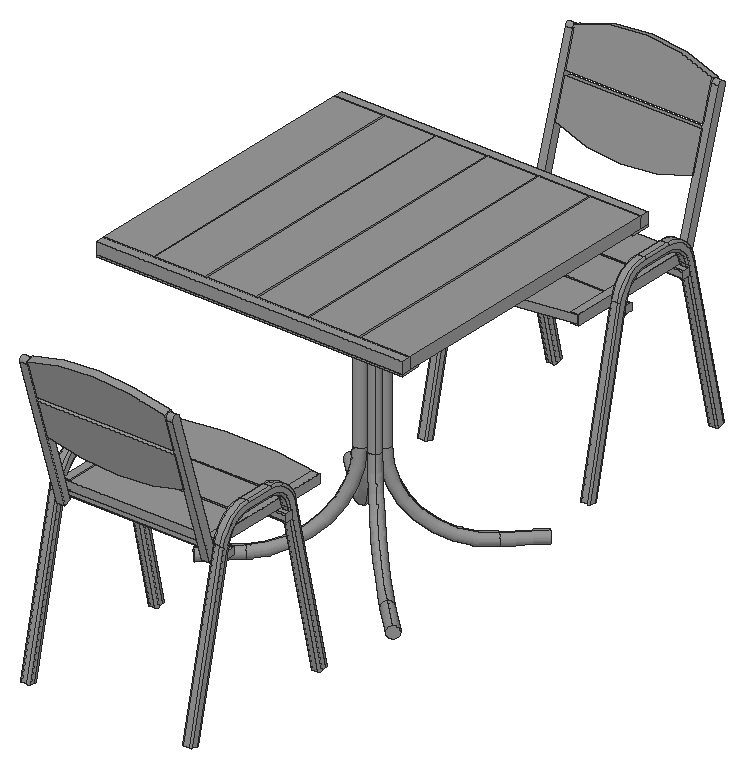
Revit family "10247 Комплект мебели «Петергоф» Хоббика", category Антураж, Revit 2018
Family settings
  На основе рабочей плоскости = Нет
  Всегда вертикально = Да
  При загрузке вырезать с полостями = Нет
  Источник визуального образа = Геометрия семейства
  Общий = Нет
  Точка расчета площади = Нет
Parameters (values of type "Комплект мебели «Петергоф» на 2 стула")
  Ширина стула = 500 mm  # constant formula
  Ширина стола = 800 mm  # constant formula
  Цвет отделки = Дерево
  Цвет опор = Сталь
  Описание = if(На 2 стула, "Комплект мебели «Петергоф». Стол и 2 стула", "Комплект мебели «Петергоф». Стол и 4 стула")  # "Комплект мебели «Петергоф». Стол и 2 стула"
  На 4 стула = not(На 2 стула)  # no
  На 2 стула = yes
  Материал изделия = "Сталь, дерево"  # constant formula
  Изображение типоразмера = Комплект мебели «Петергоф» Арт 10247.jpg
  Изготовитель = "ООО «Хоббика»"  # constant formula
  Длина стула = 450 mm  # constant formula
  Длина стола = 800 mm  # constant formula
  Группа модели = "Комплекты садовой мебели"  # constant formula
  Высота стула = 820 mm  # constant formula
  Высота стола = 760 mm  # constant formula
  Высота = 0 mm  # constant formula
  Артикул товара = "Арт. 10247"  # constant formula
  URL = "https://hobbyka.ru/product/komplekt_mebeli_petergof"
Types (3, lengths in mm): name | Описание | На 4 стула | На 2 стула
  (no name) | "Комплект мебели «Петергоф». Стол и 2 стула" | no | yes
  Комплект мебели «Петергоф» на 4 стула | "Комплект мебели «Петергоф». Стол и 4 стула" | yes | no
  Комплект мебели «Петергоф» на 2 стула | "Комплект мебели «Петергоф». Стол и 2 стула" | no | yes
Reference planes
  plane 1 "По центру (Вперед/Назад)": y = 0
  plane 2: z = 0
  plane 3 "По центру (Влево/Вправо)": x = 0
  plane 4: x = 1800
  plane 5: y = 1800
Dimensions and locks
  plane 5 to plane 1 "По центру (Вперед/Назад)" = 1800 mm
  plane 3 "По центру (Влево/Вправо)" to plane 4 = 1800 mm
  aligned and locked: level to plane 2
Nested families
  nested 1: "10266 Кресло «Петергоф» Хоббика" at (500, 675, 0) x (0, 1, 0) z (0, 0, 1), visible <- "На 4 стула", type "Кресло «Петергоф»"
  nested 2: "10265 Стол садовый «Петергоф 80» Хоббика" at (500, 500, 0), type "Стол садовый «Петергоф 80»"
  nested 3: "10266 Кресло «Петергоф» Хоббика" at (675, 1300, 0), type "Кресло «Петергоф»"
  nested 4: "10266 Кресло «Петергоф» Хоббика" at (1300, 1125, 0) x (0, -1, 0) z (0, 0, 1), visible <- "На 4 стула", type "Кресло «Петергоф»"
  nested 5: "10266 Кресло «Петергоф» Хоббика" at (1125, 500, 0) x (-1, 0, 0) z (0, 0, 1), type "Кресло «Петергоф»"
Definition of nested family "10266 Кресло «Петергоф» Хоббика"
  Parameters (values of type "Кресло «Петергоф»")
    Ширина = 500 mm  # constant formula
    Цвет опор = none
    Цвет лавки = none
    Description = "Кресло «Петергоф»"  # constant formula
    Материал изделия = "Сталь, дерево"  # constant formula
    Type Comments = ""
    Type Image = element 2566
    Manufacturer = "ООО «Хоббика»"  # constant formula
    Длина = 450 mm  # constant formula
    Model = "Кресла садовые"  # constant formula
    Height = 820 mm  # constant formula
    Артикул товара = "Арт. 10266"  # constant formula
    URL = "https://hobbyka.ru/product/kreslo_petergof/"
  Reference planes
    plane 1 "По центру (Вперед/Назад)": y = 0
    plane 2: z = 0
    plane 3 "По центру (Влево/Вправо)": x = 0
    plane 4: x = 450
    plane 5: y = 500
    plane 6: z = 820
  Forms (mm)
    Sweep 1, solid, material <- "Цвет опор"
      path origin (0, 0, 0) x (0, 1, 0) y (0, 0, 1)
        loop
          line (470.628, 0) -> (371.711, 428.459)
          arc (371.711, 428.459) -> (340.734, 478.164) -> (285.77, 498.392) r 90.259
          line (285.77, 498.392) -> (210.77, 498.392)
          arc (210.77, 498.392) -> (155.77, 478.373) -> (126.505, 427.685) r 85.565
          line (126.505, 427.685) -> (27.766, 0)
      profile origin (0, 248.27, 498.392) x (0, 0, -1) y (1, 0, 0)
        loop
          arc (0, 5) -> (1.464, 1.464) -> (5, 0) r 5
          line (5, 0) -> (20, 0)
          arc (20, 0) -> (23.536, 1.464) -> (25, 5) r 5
          line (25, 5) -> (25, 20)
          arc (25, 20) -> (23.536, 23.536) -> (20, 25) r 5
          line (20, 25) -> (5, 25)
          arc (5, 25) -> (1.464, 23.536) -> (0, 20) r 5
          line (0, 20) -> (0, 5)
        loop
          arc (0, 430) -> (1.464, 426.464) -> (5, 425) r 5
          line (5, 425) -> (20, 425)
          arc (20, 425) -> (23.536, 426.464) -> (25, 430) r 5
          line (25, 430) -> (25, 445)
          arc (25, 445) -> (23.536, 448.536) -> (20, 450) r 5
          line (20, 450) -> (5, 450)
          arc (5, 450) -> (1.464, 448.536) -> (0, 445) r 5
          line (0, 445) -> (0, 430)
    Extrusion 2, solid, material <- "Цвет опор"
      sketch origin (0, 0, -5) x (0, 1, 0) y (0, 0, 1)
        loop
          line (352.609, 400.541) -> (352.609, 416.541)
          arc (352.609, 416.541) -> (352.023, 417.955) -> (350.609, 418.541) r 2
          line (350.609, 418.541) -> (334.609, 418.541)
          arc (334.609, 418.541) -> (333.195, 417.955) -> (332.609, 416.541) r 2
          line (332.609, 416.541) -> (332.609, 400.541)
          arc (332.609, 400.541) -> (333.195, 399.126) -> (334.609, 398.541) r 2
          line (334.609, 398.541) -> (350.609, 398.541)
          arc (350.609, 398.541) -> (352.023, 399.126) -> (352.609, 400.541) r 2
        loop
          line (165.109, 400.541) -> (165.109, 416.541)
          arc (165.109, 416.541) -> (164.523, 417.955) -> (163.109, 418.541) r 2
          line (163.109, 418.541) -> (147.109, 418.541)
          arc (147.109, 418.541) -> (145.695, 417.955) -> (145.109, 416.541) r 2
          line (145.109, 416.541) -> (145.109, 400.541)
          arc (145.109, 400.541) -> (145.695, 399.126) -> (147.109, 398.541) r 2
          line (147.109, 398.541) -> (163.109, 398.541)
          arc (163.109, 398.541) -> (164.523, 399.126) -> (165.109, 400.541) r 2
      from 0 to 450
    Extrusion 3, solid, material <- "Цвет опор"
      sketch origin (0, 0, 0) x (1, 0, 0) y (0, 0, 1)
        loop
          line (25, 413.541) -> (45, 413.541) -> (45, 415.541) -> (27, 415.541) -> (27, 436.541) -> (45, 436.541) -> (45, 438.541) -> (25, 438.541) -> (25, 413.541)
        loop
          line (425, 413.541) -> (425, 438.541) -> (405, 438.541) -> (405, 436.541) -> (423, 436.541) -> (423, 415.541) -> (405, 415.541) -> (405, 413.541) -> (425, 413.541)
      from -22.776 to -363.885
    Extrusion 4, solid, material <- "Цвет лавки"
      sketch origin (0, 0, 0) x (1, 0, 0) y (0, 1, 0)
        loop
          line (27, 363.885) -> (27, 252.682) -> (423, 252.682) -> (423, 363.885) -> (27, 363.885)
        loop
          arc (27, 22.776) -> (225, 0) -> (423, 22.776) r 872.021
          line (423, 22.776) -> (423, 133.979) -> (27, 133.979) -> (27, 22.776)
        loop
          line (27, 247.682) -> (27, 138.979) -> (423, 138.979) -> (423, 247.682) -> (27, 247.682)
      from 415.541 to 436.541
    Extrusion 5, solid, material <- "Цвет опор"
      sketch origin (0, 0, 0) x (0, 1, 0) y (0, 0, 1)
        loop
          arc (500, 767.352) -> (493.455, 779.888) -> (480.918, 773.343) r 10
          line (480.918, 773.343) -> (361.098, 391.711) -> (380.18, 385.72) -> (500, 767.352)
      from 25 to 45
    Extrusion 6, solid, material <- "Цвет опор"
      sketch origin (0, 0, 0) x (0, 1, 0) y (0, 0, 1)
        loop
          arc (500, 767.352) -> (493.455, 779.888) -> (480.918, 773.343) r 10
          line (480.918, 773.343) -> (361.098, 391.711) -> (380.18, 385.72) -> (500, 767.352)
      from 405 to 425
    Extrusion 7, solid, material <- "Цвет лавки"
      sketch origin (0, 480.918, 773.343) x (0, -0.29955, -0.954081) y (1, 0, 0)
        loop
          arc (-10, 405) -> (-43.997, 225) -> (-10, 45) r 493.516
          line (-10, 45) -> (90, 45) -> (90, 405) -> (-10, 405)
        loop
          arc (200, 45) -> (233.997, 225) -> (200, 405) r 493.516
          line (200, 405) -> (100, 405) -> (100, 45) -> (200, 45)
      from 0 to -20
  Dimensions and locks
    "Длина": plane 3 "По центру (Влево/Вправо)" to plane 4
    "Ширина": plane 5 to plane 1 "По центру (Вперед/Назад)"
    "Height": plane 6 to plane 2
    aligned and locked: level to plane 2
  Automatic sketch dimensions
    Sweep 1 sketch curve to level = 0 mm  (x2)
    Sweep 1 sketch curve to plane 1 "По центру (Вперед/Назад)" = 126.505 mm
    Sweep 1 sketch curve to Sweep 1 sketch curve = 84.265 mm
    Sweep 1 sketch curve to Sweep 1 sketch curve = 72.996 mm
    Sweep 1 sketch curve to Sweep 1 sketch curve = 75 mm
    Sweep 1 sketch curve to Sweep 1 sketch curve = 87.946 mm
    level to Sweep 1 sketch curve = 408.155 mm
    Sweep 1 sketch curve to Sweep 1 sketch curve = 4.672 mm
    Sweep 1 sketch curve to Sweep 1 sketch curve = 14.858 mm
    Sweep 1 sketch curve to plane 1 "По центру (Вперед/Назад)" = 27.766 mm
    Sweep 1 sketch curve to plane 5 = 29.372 mm
    Sweep 1 sketch curve to profile plane = 0 mm  (x2)
    Sweep 1 sketch curve to plane 3 "По центру (Влево/Вправо)" = 0 mm
    Sweep 1 sketch curve to profile plane = 5 mm  (x3)
    plane 3 "По центру (Влево/Вправо)" to Sweep 1 sketch curve = 5 mm  (x2)
    Sweep 1 sketch curve to Sweep 1 sketch curve = 15 mm  (x6)
    Sweep 1 sketch curve to Sweep 1 sketch curve = 5 mm
    Sweep 1 sketch curve to Sweep 1 sketch curve = 400 mm
    Extrusion 2 sketch curve to plane 1 "По центру (Вперед/Назад)" = 145.109 mm
    Extrusion 2 sketch curve to Extrusion 2 sketch curve = 2 mm  (x7)
    Extrusion 2 sketch curve to Extrusion 2 sketch curve = 16 mm  (x6)
    Extrusion 2 sketch curve to plane 5 = 167.391 mm
    level to Extrusion 2 sketch curve = 393.541 mm
    plane 3 "По центру (Влево/Вправо)" to Extrusion 3 sketch curve = 25 mm
    Extrusion 3 sketch curve to Extrusion 3 sketch curve = 2 mm  (x6)
    Extrusion 3 sketch curve to Extrusion 3 sketch curve = 18 mm  (x3)
    Extrusion 3 sketch curve to plane 4 = 45 mm
    Extrusion 3 sketch curve to Extrusion 3 sketch curve = 0 mm  (x2)
    Extrusion 3 sketch curve to plane 6 = 406.459 mm
    Extrusion 3 sketch curve to Extrusion 3 sketch curve = 21 mm  (x2)
    plane 3 "По центру (Влево/Вправо)" to Extrusion 4 sketch curve = 27 mm  (x2)
    Extrusion 4 sketch curve to Extrusion 4 sketch curve = 0 mm  (x2)
    plane 3 "По центру (Влево/Вправо)" to Extrusion 4 sketch curve = 225 mm
    Extrusion 4 sketch curve to plane 4 = 27 mm  (x2)
    Extrusion 4 sketch curve to plane 1 "По центру (Вперед/Назад)" = 22.776 mm
    Extrusion 4 sketch curve to Extrusion 4 sketch curve = 111.203 mm  (x2)
    Extrusion 4 sketch curve to Extrusion 4 sketch curve = 5 mm  (x2)
    Extrusion 4 sketch curve to Extrusion 4 sketch curve = 108.703 mm
    plane 5 to Extrusion 4 sketch curve = 372.021 mm
    Extrusion 5 sketch curve to plane 5 = 0 mm
    Extrusion 5 sketch curve to plane 5 = 9.541 mm
    Extrusion 5 sketch curve to Extrusion 5 sketch curve = 9.541 mm
    Extrusion 5 sketch curve to plane 5 = 119.82 mm
    Extrusion 5 sketch curve to Extrusion 5 sketch curve = 19.082 mm
    level to Extrusion 5 sketch curve = 385.72 mm
    Extrusion 5 sketch curve to Extrusion 5 sketch curve = 5.991 mm
    Extrusion 6 sketch curve to plane 5 = 0 mm
    Extrusion 6 sketch curve to plane 5 = 9.541 mm
    Extrusion 6 sketch curve to Extrusion 6 sketch curve = 9.541 mm
    Extrusion 6 sketch curve to plane 5 = 119.82 mm
    Extrusion 6 sketch curve to Extrusion 6 sketch curve = 19.082 mm
    level to Extrusion 6 sketch curve = 385.72 mm
    Extrusion 6 sketch curve to Extrusion 6 sketch curve = 5.991 mm
    Extrusion 7 sketch curve to Extrusion 6 = 0 mm  (x2)
    Extrusion 7 sketch curve to Extrusion 6 = 200 mm
    Extrusion 6 to Extrusion 7 sketch curve = 200 mm
    Extrusion 7 sketch curve to Extrusion 6 = 10 mm  (x2)
    Extrusion 7 sketch curve to Extrusion 6 = 259.519 mm
    Extrusion 6 to Extrusion 7 sketch curve = 49.519 mm
    Extrusion 7 sketch curve to Extrusion 7 sketch curve = 180 mm
    Extrusion 6 to Extrusion 7 sketch curve = 90 mm
    Extrusion 7 sketch curve to Extrusion 7 sketch curve = 10 mm
    Extrusion 7 sketch curve to Extrusion 7 sketch curve = 0 mm
Definition of nested family "10265 Стол садовый «Петергоф 80» Хоббика"
  Parameters (values of type "Стол садовый «Петергоф 80»")
    Ширина = 800 mm  # constant formula
    Цвет отделки = none
    Цвет основания = none
    Description = "Стол садовый «Петергоф 80»"  # constant formula
    Материал изделия = "Сталь, дерево"  # constant formula
    Type Image = element 3778
    Manufacturer = "ООО «Хоббика»"  # constant formula
    Длина = 800 mm  # constant formula
    Model = "Садовые столы"  # constant formula
    Height = 760 mm  # constant formula
    Артикул товара = "Арт. 12065"  # constant formula
    URL = "https://hobbyka.ru/product/stol_sadovyy_petergof80"
  Reference planes
    plane 1 "По центру (Вперед/Назад)": y = 0
    plane 2: z = 0
    plane 3 "По центру (Влево/Вправо)": x = 0
    plane 4: y = 800
    plane 5: x = 800
    plane 6: z = 760
  Forms (mm)
    Sweep 1, solid, material <- "Цвет основания"
      path origin (689.185, 73.701, 0) x (-0.707107, 0.707107, 0) y (0, 0, 1)
        loop
          line (800, 725) -> (695, 725)
          arc (695, 725) -> (518.223, 651.777) -> (445, 475) r 250
          line (445, 475) -> (445, 250)
          arc (445, 250) -> (518.223, 73.223) -> (695, 0) r 250
          line (695, 0) -> (800, 0)
      profile origin (123.5, 639.387, 725) x (0, 0, -1) y (0.707107, 0.707107, 0)
        loop
          circle (15, 23.335) r 15
    Sweep 2, solid, material <- "Цвет основания"
      path origin (689.185, 725.52, 0) x (-0.707107, -0.707107, 0) y (0, 0, -1)
        loop
          line (800, -725) -> (695, -725)
          arc (695, -725) -> (518.223, -651.777) -> (445, -475) r 250
          line (445, -475) -> (445, -250)
          arc (445, -250) -> (518.223, -73.223) -> (695, 0) r 250
          line (695, 0) -> (800, 0)
      profile origin (123.5, 159.835, 725) x (0, 0, 1) y (0.707107, -0.707107, 0)
        loop
          circle (-15, 23.335) r 15
    Extrusion 3, solid, material <- "Цвет основания"
      sketch origin (0, 0, 0) x (1, 0, 0) y (0, 1, 0)
        loop
          line (0, 800) -> (0, 750) -> (115, 750) -> (115, 50) -> (0, 50) -> (0, 0) -> (800, 0) -> (800, 50) -> (685, 50) -> (685, 750) -> (800, 750) -> (800, 800) -> (0, 800)
        loop
          line (165, 750) -> (165, 50) -> (200, 50) -> (635, 50) -> (635, 750) -> (540, 750) -> (165, 750)
      from 725 to 730
    Extrusion 4, solid, material <- "Цвет основания"
      sketch origin (0, 0, 0) x (0, 1, 0) y (0, 0, 1)
        loop
          line (776.665, 730) -> (800, 730) -> (800, 760) -> (776.665, 760) -> (776.665, 730)
        loop
          line (0, 730) -> (23.335, 730) -> (23.335, 760) -> (0, 760) -> (0, 730)
      from 0 to 800
    Extrusion 5, solid, material <- "Цвет отделки"
      sketch origin (5, 0, 0) x (1, 0, 0) y (0, 0, 1)
        loop
          line (-5, 760) -> (-5, 730) -> (125, 730) -> (125, 760) -> (-5, 760)
      from -23.335 to -776.665
    Extrusion 6, solid, material <- "Цвет отделки"
      sketch origin (675, 0, 0) x (1, 0, 0) y (0, 0, 1)
        loop
          line (-5, 760) -> (-5, 730) -> (125, 730) -> (125, 760) -> (-5, 760)
      from -23.335 to -776.665
    Extrusion 7, solid, material <- "Цвет отделки"
      sketch origin (139, 0, 0) x (1, 0, 0) y (0, 0, 1)
        loop
          line (-5, 760) -> (-5, 730) -> (125, 730) -> (125, 760) -> (-5, 760)
      from -23.335 to -776.665
    Extrusion 8, solid, material <- "Цвет отделки"
      sketch origin (273, 0, 0) x (1, 0, 0) y (0, 0, 1)
        loop
          line (-5, 760) -> (-5, 730) -> (125, 730) -> (125, 760) -> (-5, 760)
      from -23.335 to -776.665
    Extrusion 9, solid, material <- "Цвет отделки"
      sketch origin (407, 0, 0) x (1, 0, 0) y (0, 0, 1)
        loop
          line (-5, 760) -> (-5, 730) -> (125, 730) -> (125, 760) -> (-5, 760)
      from -23.335 to -776.665
    Extrusion 10, solid, material <- "Цвет отделки"
      sketch origin (541, 0, 0) x (1, 0, 0) y (0, 0, 1)
        loop
          line (-5, 760) -> (-5, 730) -> (125, 730) -> (125, 760) -> (-5, 760)
      from -23.335 to -776.665
    Sweep 11, solid, material <- "Цвет основания"
      path origin (110.815, 73.701, 0) x (0.707107, 0.707107, 0) y (0, 0, -1)
        loop
          line (800, -725) -> (695, -725)
          arc (695, -725) -> (518.223, -651.777) -> (445, -475) r 250
          line (445, -475) -> (445, -250)
          arc (445, -250) -> (518.223, -73.223) -> (695, 0) r 250
          line (695, 0) -> (800, 0)
      profile origin (676.5, 639.387, 725) x (0, 0, 1) y (-0.707107, 0.707107, 0)
        loop
          circle (-15, 23.335) r 15
    Sweep 12, solid, material <- "Цвет основания"
      path origin (110.815, 725.52, 0) x (0.707107, -0.707107, 0) y (0, 0, 1)
        loop
          line (800, 725) -> (695, 725)
          arc (695, 725) -> (518.223, 651.777) -> (445, 475) r 250
          line (445, 475) -> (445, 250)
          arc (445, 250) -> (518.223, 73.223) -> (695, 0) r 250
          line (695, 0) -> (800, 0)
      profile origin (676.5, 159.835, 725) x (0, 0, -1) y (-0.707107, -0.707107, 0)
        loop
          circle (15, 23.335) r 15
  Dimensions and locks
    "Длина": plane 3 "По центру (Влево/Вправо)" to plane 5
    "Ширина": plane 4 to plane 1 "По центру (Вперед/Назад)"
    "Height": plane 6 to plane 2
    equal spacing: group 1, group 3, group 4, group 5, group 6, group 2  (x3)
    aligned and locked: level to plane 2
  Automatic sketch dimensions
    Extrusion 5 sketch curve to Extrusion 5 sketch curve = 130 mm
    Extrusion 5 sketch curve to Extrusion 5 sketch curve = 30 mm
    Extrusion 6 sketch curve to Extrusion 6 sketch curve = 130 mm
    Extrusion 6 sketch curve to Extrusion 6 sketch curve = 30 mm
    Extrusion 7 sketch curve to Extrusion 7 sketch curve = 130 mm
    Extrusion 7 sketch curve to Extrusion 7 sketch curve = 30 mm
    Extrusion 8 sketch curve to Extrusion 8 sketch curve = 130 mm
    Extrusion 8 sketch curve to Extrusion 8 sketch curve = 30 mm
    Extrusion 9 sketch curve to Extrusion 9 sketch curve = 130 mm
    Extrusion 9 sketch curve to Extrusion 9 sketch curve = 30 mm
    Extrusion 10 sketch curve to Extrusion 10 sketch curve = 130 mm
    Extrusion 10 sketch curve to Extrusion 10 sketch curve = 30 mm
    level to Sweep 1 sketch curve = 0 mm
    Sweep 1 sketch curve to plane 6 = 285 mm
    Sweep 1 sketch curve to Sweep 1 sketch curve = 250 mm  (x2)
    Sweep 1 sketch curve to Sweep 1 sketch curve = 105 mm  (x2)
    Sweep 1 sketch curve to profile plane = 15 mm
    profile plane to Sweep 1 sketch curve = 23.335 mm
    Sweep 2 sketch curve to level = 0 mm
    Sweep 2 sketch curve to plane 6 = 285 mm
    Sweep 2 sketch curve to Sweep 2 sketch curve = 250 mm  (x2)
    Sweep 2 sketch curve to Sweep 2 sketch curve = 105 mm  (x2)
    profile plane to Sweep 2 sketch curve = 15 mm
    profile plane to Sweep 2 sketch curve = 23.335 mm
    Extrusion 4 sketch curve to plane 1 "По центру (Вперед/Назад)" = 0 mm
    Extrusion 4 sketch curve to plane 6 = 0 mm  (x2)
    Extrusion 4 sketch curve to plane 4 = 0 mm
    Extrusion 4 sketch curve to plane 1 "По центру (Вперед/Назад)" = 23.335 mm
    Extrusion 4 sketch curve to plane 4 = 23.335 mm
    Extrusion 4 sketch curve to plane 6 = 30 mm
    Extrusion 4 sketch curve to Extrusion 4 sketch curve = 30 mm
    level to Sweep 11 sketch curve = 0 mm
    Sweep 11 sketch curve to plane 6 = 285 mm
    Sweep 11 sketch curve to Sweep 11 sketch curve = 250 mm  (x2)
    Sweep 11 sketch curve to Sweep 11 sketch curve = 105 mm  (x2)
    profile plane to Sweep 11 sketch curve = 15 mm
    profile plane to Sweep 11 sketch curve = 23.335 mm
    Sweep 12 sketch curve to level = 0 mm
    Sweep 12 sketch curve to plane 6 = 285 mm
    Sweep 12 sketch curve to Sweep 12 sketch curve = 250 mm  (x2)
    Sweep 12 sketch curve to Sweep 12 sketch curve = 105 mm  (x2)
    Sweep 12 sketch curve to profile plane = 15 mm
    profile plane to Sweep 12 sketch curve = 23.335 mm
    Extrusion 3 sketch curve to plane 3 "По центру (Влево/Вправо)" = 0 mm  (x2)
    plane 1 "По центру (Вперед/Назад)" to Extrusion 3 sketch curve = 0 mm
    Extrusion 3 sketch curve to plane 5 = 0 mm  (x2)
    Extrusion 3 sketch curve to plane 4 = 0 mm
    plane 3 "По центру (Влево/Вправо)" to Extrusion 3 sketch curve = 115 mm
    Extrusion 3 sketch curve to Extrusion 3 sketch curve = 50 mm  (x2)
    Extrusion 3 sketch curve to Extrusion 3 sketch curve = 35 mm
    Extrusion 3 sketch curve to plane 4 = 50 mm  (x3)
    Extrusion 3 sketch curve to Extrusion 3 sketch curve = 260 mm
    Extrusion 3 sketch curve to plane 1 "По центру (Вперед/Назад)" = 50 mm  (x3)
    Extrusion 3 sketch curve to plane 5 = 165 mm
    radius of Sweep 1 sketch curve = 15 mm
    radius of Sweep 2 sketch curve = 15 mm
    radius of Sweep 11 sketch curve = 15 mm
    radius of Sweep 12 sketch curve = 15 mm
